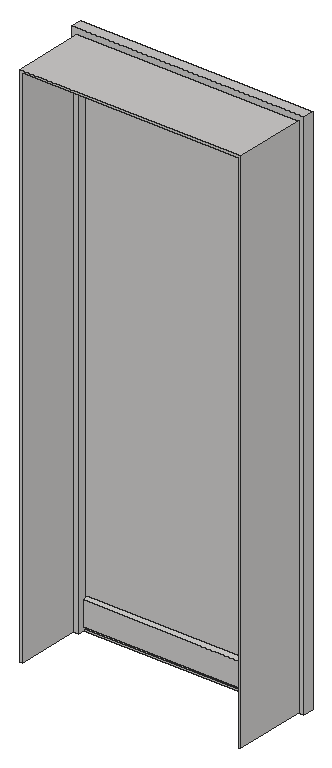
Revit family "_Doorset_Porte palière FOXEO BN_ASSA ABLOY FR_Hardware LIGHT", category Portes, Revit 2018
Family settings
  Hôte = Mur
  Numéro OmniClass = 23.30.10.00
  Titre OmniClass = Doors
  Toujours verticalement = Oui
  Couper avec des vides une fois chargée = Non
  Partagée = Non
  Point de calcul de pièce = Non
Parameters (values of type "914x2198 mm (900 x 2200mm) - sur rosace")
  Uniclass 2.0 Description = "Doorsets"
  Uniclass 2.0 Code = "PR-59-23"
  Uniclass 1.4 Description = "Doors"
  Uniclass 1.4 Code = "JL20"
  URL = "https://www.fichet-serrurerie-batiment.com/be/fr/products/porte-paliere/foxeo-bn"
  Protection contre l'incendie = "EI130"  # constant formula
  Construction analytique = "<Aucun>"
  Commentaires du type = "914x2198 mm (900 x 2200mm)"  # constant formula
  Epaisseur = 51 mm  # constant formula
  Structural Opening Width = if(Largeur > Maximum Door Width, Maximum Door Width + 20 mm, if(Largeur < Minimum Door Width, Minimum Door Width + 20 mm, Largeur + 20 mm))  # 920 mm
  Structural Opening Height = if(Hauteur > Maximum Door Height, Maximum Door Height + 10 mm, if(Hauteur < Minimum Door Height, Minimum Door Height + 10 mm, Hauteur + 10 mm))  # 2210 mm
  Largeur brute = Structural Opening Width  # 920 mm
  Hauteur brute = Structural Opening Height  # 2210 mm
  Provider = "ASSA ABLOY FR"  # constant formula
  Panel Width = Structural Opening Width - 6 mm  # 914 mm
  Panel Material = Metal - Assa Abloy - Steel
  Panel Height = Structural Opening Height - 12 mm  # 2198 mm
  OmniClass Title = "Doors"
  OmniClass Number = "23-17 11 00"
  Name = "Porte palière FOXEO BN"  # constant formula
  Modèle = "Doorset_Porte palière FOXEO BN_ASSA ABLOY FR_Hardware 3D"  # constant formula
  Minimum Door Width = 650 mm  # constant formula
  Minimum Door Height = 1925 mm  # constant formula
  Maximum Door Width = 1050 mm  # constant formula
  Maximum Door Height = 2325 mm  # constant formula
  Fabricant = "ASSA ABLOY"  # constant formula
  Lock Cases = "1x Cylindre ORIO_Mechanical locks_Fichet [AN.  73100431]"  # constant formula
  Note d'identification = "08100"
  Identity and Access Solutions = "1x Serrure Fichet 3 points _Identity and Access Solutions_FICHET [AN.  98606170]"  # constant formula
  IFC classification = "Door"
  Hardware Set = "SD-ML-MC-FI03"  # constant formula
  Handle Position = 50 mm  # constant formula
  Handle Height = 1100 mm  # constant formula
  Fonction = Intérieur
  Hauteur = 2200 mm
  Fermeture du mur = Par hôte
  Largeur = 900 mm
  Frame Width = Structural Opening Width - 20 mm  # 900 mm
  Frame Material = Metal - Assa Abloy - Steel
  Frame Height = Structural Opening Height - 10 mm  # 2200 mm
  Description = "Porte palière FICHET anti-effraction classe 3 selon EN 1627-1630 2011 et EI130 contre le feu\n"  # constant formula
  Contact Provider = "http://www.assaabloy.fr/contactez-nous/"
  Clear Width = Structural Opening Width - 48 mm - 20 mm  # 852 mm
  Code d'assemblage = "C1020"
  Artis_73490420 = yes
  Artis_73490310 = no
  Architectural Hardware = "1x Ensemble béquillage ARTIS sur rosace_Architectural hardware_Vachette [AN. 73490420]"
Types (2, lengths in mm): name | Contact Provider | Artis_73490420 | Artis_73490310 | Architectural Hardware
  914x2198 mm (900 x 2200mm) - sur plaque | "https://www.fichet-serrurerie-batiment.com/be/fr/contactez-nous" | no | yes | "1x Ensemble béquillage ARTIS sur plaque_Architectural hardware_Vachette [AN.  73490310]"
  914x2198 mm (900 x 2200mm) - sur rosace | "http://www.assaabloy.fr/contactez-nous/" | yes | no | "1x Ensemble béquillage ARTIS sur rosace_Architectural hardware_Vachette [AN. 73490420]"
Reference planes
  plane 1: y = 0
  plane 2 "Center (Left/Right)": x = 0
  plane 3 "Exterior": y = 150
  plane 4 "Interior": y = -150
  plane 5: x = 460
  plane 6: x = -460
  plane 7 "Structural": z = 2210
  plane 8: x = 450
  plane 9: x = -450
  plane 10: z = 2200
  plane 11: z = 1984
  plane 12: y = 99
  plane 13: z = 1100
  plane 14 "Panel": y = 1108.7
  plane 15: y = 1070
  plane 16: x = 416
  plane 17: x = -426
  plane 18: x = 426
  plane 19: y = 194.7
  plane 20 "EXT2": y = 208.5
  plane 21: x = -442.131
  plane 22: x = -484
  plane 23: x = 484
  plane 24: x = -306
  plane 25: x = 306
  plane 26: z = 251.279
  plane 27: z = 740.754
  plane 28: z = 860.754
  plane 29: z = 1060.754
  plane 30: z = 1180.754
  plane 31: z = 2056
  plane 32: x = -416
  plane 33: y = 115
  plane 34 "INT2": y = 141.2
  plane 35: y = 1046.7
  plane 36: x = 375
  plane 37: x = 457
  plane 38: x = 470.8
  plane 39: z = 2176
  plane 40: z = 2234
  plane 41 "Handle Position": x = -366
  plane 42 "Handle Height": z = 1100
  plane 43: z = 24
  plane 44: y = 179.7
  plane 45: z = 2244
  plane 46 "Base": y = 146.5
  plane 47 "S": y = 1077.7
  plane 48 "Poignee 2D Y": y = 1027.7
  plane 49 "Poignée 2D X": x = 457
Forms (mm)
  Sweep 1, solid, material "Metal - Assa Abloy - Steel" <- "Frame Material"
    path origin (0, 150, 0) x (1, 0, 0) y (0, 0, 1)
      loop
        line (-450, 0) -> (-450, 2200) -> (450, 2200) -> (450, 0)
    profile origin (450, 150, 1100) x (0, -1, 0) y (1, 0, 0)
      loop
        line (35, 0) -> (0, 0) -> (0, 34) -> (-44.7, 34) -> (-44.7, -24) -> (35, -24) -> (35, 0)
  Sweep 2, solid, material "Metal - Assa Abloy - Steel" <- "Panel Material"
    path origin (0, 150, 0) x (1, 0, 0) y (0, 0, 1)
      loop
        line (-426, 0) -> (426, 0)
    profile origin (0, 150, 0) x (0, 0, 1) y (0, -1, 0)
      loop
        line (2207, -44.7) -> (2176, -44.7) -> (2176, 3.5) -> (24, 3.5) -> (24, -29.7) -> (11.808, -29.7) -> (11.808, -44.7) -> (9, -44.7) -> (9, -58.5) -> (2207, -58.5) -> (2207, -44.7)
  Extrusion 3, solid, material "Metal - Assa Abloy - Steel" <- "Panel Material"
    sketch origin (0, 0, 0) x (1, 0, 0) y (0, 1, 0)
      loop
        line (-426, 208.5) -> (-457, 208.5) -> (-457, 194.7) -> (-426, 194.7) -> (-426, 208.5)
      loop
        line (426, 208.5) -> (426, 194.7) -> (457, 194.7) -> (457, 208.5) -> (426, 208.5)
    from 9 to 2207
  Sweep 4, solid, material "Metal - Assa Abloy - Steel" <- "Panel Material"
    path origin (-533.519, 208.5, 1200) x (-1, 0, 0) y (0, 0, 1)
      loop
        line (-949.519, -1176) -> (-117.519, -1176)
    profile origin (0, 208.5, 24) x (0, 0, 1) y (0, 1, 0)
      loop
        line (0, -62) -> (0, -82) -> (100, -82) -> (107.279, -62) -> (0, -62)
  Sweep 5, solid, material "Metal - Assa Abloy - Steel" <- "Frame Material"
    path origin (-476, 194.7, 1200) x (1, 0, 0) y (0, 0, 1)
      loop
        line (50, -1200) -> (902, -1200)
    profile origin (0, 194.7, 0) x (0, 0, 1) y (0, -1, 0)
      loop
        line (0, 0) -> (11.808, 0) -> (11.808, 11.3) -> (7, 53.5) -> (0, 53.5) -> (0, 0)
  Extrusion 6, solid, material "Metal - Assa Abloy - Steel" <- "Frame Material"
    sketch origin (-533.519, 208.5, 1200) x (-1, 0, 0) y (0, 0, 1)
      loop
        line (-73.519, 1010) -> (-993.519, 1010) -> (-993.519, -1200) -> (-983.519, -1200) -> (-983.519, 1000) -> (-83.519, 1000) -> (-83.519, -1200) -> (-73.519, -1200) -> (-73.519, 1010)
    from -358.5 to -58.5
Cuts and joins
  joined: Sweep 2, Extrusion 3
Lines and regions (mm)
  Opening 1
    outline origin (-5000, -150, 0) x (1, 0, 0) y (0, 0, 1)
      loop
        line (5460, 2210) -> (4540, 2210) -> (4540, 0) -> (5460, 0) -> (5460, 2210)
  Masking region 1
    outline origin (0, 0, 0) x (1, 0, 0) y (0, 1, 0)
      loop
        line (460, 150) -> (-460, 150) -> (-460, -150) -> (460, -150) -> (460, 150)
  Masking region 2, detail levels medium
    outline origin (0, 0, 0) x (1, 0, 0) y (0, 1, 0)
      loop
        line (-484, 194.7) -> (-484, 115) -> (-426, 115) -> (-426, 194.7) -> (-484, 194.7)
      loop
        line (484, 194.7) -> (426, 194.7) -> (426, 115) -> (484, 115) -> (484, 194.7)
  Masking region 3, detail levels fine
    outline origin (0, 0, 0) x (1, 0, 0) y (0, 1, 0)
      loop
        line (-484, 194.7) -> (-484, 150) -> (-450, 150) -> (-450, 115) -> (-426, 115) -> (-426, 194.7) -> (-484, 194.7)
      loop
        line (484, 194.7) -> (426, 194.7) -> (426, 115) -> (450, 115) -> (450, 150) -> (484, 150) -> (484, 194.7)
  Masking region 4, detail levels medium
    outline origin (0, 0, 0) x (1, 0, 0) y (0, 1, 0)
      loop
        line (426, 194.7) -> (426, 1046.7) -> (375, 1046.7) -> (375, 194.7) -> (426, 194.7)
  Masking region 5, detail levels coarse+medium
    outline origin (0, 0, 0) x (0, 1, 0) y (0, 0, 1)
      loop
        line (115, 2234) -> (115, 0) -> (194.7, 0) -> (194.7, 2234) -> (115, 2234)
  Masking region 6, detail levels fine
    outline origin (0, 0, 0) x (0, 1, 0) y (0, 0, 1)
      loop
        line (194.7, 2234) -> (150, 2234) -> (150, 2200) -> (115, 2200) -> (115, 0) -> (194.7, 0) -> (194.7, 9) -> (208.5, 9) -> (208.5, 2207) -> (194.7, 2207) -> (194.7, 2234)
  Masking region 7, detail levels fine
    outline origin (0, 0, 0) x (1, 0, 0) y (0, 1, 0)
      loop
        line (457, 194.7) -> (457, 1108.7) -> (443, 1108.7) -> (443, 1077.7) -> (395, 1077.7) -> (395, 225.7) -> (443, 225.7) -> (443, 194.7) -> (457, 194.7)
  Masking region 8, visible <- "Artis_73490310", detail levels fine
    outline origin (1578.291, 1398.383, 1100) x (0, -1, 0) y (1, 0, 0)
      loop
        line (486.521, -1081.737) -> (488.684, -1073.29)
        spline (488.684, -1073.29) -> (468.903, -1068.923) -> (448.854, -1065.969) -> (428.669, -1064.438) -> (409.04, -1064.327) -> (393.064, -1065.596) -> (380.828, -1068.252) -> (371.983, -1072.31) -> (365.993, -1077.789) -> (362.263, -1084.708) -> (360.228, -1093.086) -> (359.372, -1102.941) -> (359.183, -1114.291)
        line (359.183, -1114.291) -> (345.683, -1114.291) -> (342.683, -1121.291) -> (398.683, -1121.291) -> (395.683, -1114.291) -> (382.183, -1114.291) -> (382.183, -1092.291)
        spline (382.183, -1092.291) -> (382.405, -1087.888) -> (383.384, -1084.128) -> (385.5, -1080.997) -> (389.135, -1078.481) -> (394.673, -1076.565) -> (402.494, -1075.235) -> (412.98, -1074.476) -> (426.55, -1074.27) -> (441.575, -1074.806) -> (456.768, -1076.216) -> (471.845, -1078.519) -> (486.521, -1081.737)
  Masking region 9, visible <- "Artis_73490310", detail levels fine
    outline origin (1578.291, 1398.383, 1100) x (0, -1, 0) y (1, 0, 0)
      loop
        line (342.683, -1183.291) -> (345.683, -1198.291) -> (359.683, -1198.291) -> (357.979, -1228.119)
        arc (357.979, -1228.119) -> (355.434, -1231.235) -> (357.87, -1234.438) r 3.25
        arc (357.87, -1234.438) -> (401.183, -1239.946) -> (444.497, -1234.438) r 173.057
        arc (444.497, -1234.438) -> (446.83, -1230.478) -> (442.87, -1228.145) r 3.25
        arc (442.87, -1228.145) -> (413.451, -1232.994) -> (383.639, -1232.519) r 166.557
        line (383.639, -1232.519) -> (381.683, -1198.291) -> (395.683, -1198.291) -> (398.683, -1183.291) -> (342.683, -1183.291)
  Masking region 10, visible <- "Artis_73490420", detail levels fine
    outline origin (0, 155, 1100) x (0, -1, 0) y (1, 0, 0)
      loop
        line (-756.862, 499.555) -> (-754.7, 508.002)
        spline (-754.7, 508.002) -> (-774.48, 512.369) -> (-794.529, 515.322) -> (-814.714, 516.854) -> (-834.343, 516.964) -> (-850.319, 515.695) -> (-862.555, 513.04) -> (-871.4, 508.982) -> (-877.39, 503.503) -> (-881.12, 496.584) -> (-883.155, 488.206) -> (-884.011, 478.35) -> (-884.2, 467)
        line (-884.2, 467) -> (-898.9, 467) -> (-898.9, 457) -> (-846.5, 457) -> (-846.5, 467) -> (-861.2, 467) -> (-861.2, 489)
        spline (-861.2, 489) -> (-860.978, 493.404) -> (-859.999, 497.164) -> (-857.884, 500.294) -> (-854.248, 502.81) -> (-848.711, 504.726) -> (-840.89, 506.056) -> (-830.403, 506.815) -> (-816.833, 507.022) -> (-801.809, 506.485) -> (-786.616, 505.076) -> (-771.538, 502.772) -> (-756.862, 499.555)
  Masking region 11, visible <- "Artis_73490420", detail levels fine
    outline origin (-62, 155, 1100) x (0, -1, 0) y (1, 0, 0)
      loop
        spline (-756.862, 414.445) -> (-771.538, 411.228) -> (-786.616, 408.924) -> (-801.809, 407.515) -> (-816.833, 406.978) -> (-830.403, 407.185) -> (-840.89, 407.944) -> (-848.711, 409.274) -> (-854.248, 411.19) -> (-857.884, 413.706) -> (-859.999, 416.836) -> (-860.978, 420.596) -> (-861.2, 425)
        line (-861.2, 425) -> (-861.2, 447) -> (-846.5, 447) -> (-846.5, 457) -> (-898.9, 457) -> (-898.9, 447) -> (-884.2, 447)
        spline (-884.2, 447) -> (-884.011, 435.65) -> (-883.155, 425.794) -> (-881.12, 417.416) -> (-877.39, 410.497) -> (-871.4, 405.018) -> (-862.555, 400.96) -> (-850.319, 398.305) -> (-834.343, 397.036) -> (-814.714, 397.146) -> (-794.529, 398.678) -> (-774.48, 401.631) -> (-754.7, 405.998)
        line (-754.7, 405.998) -> (-756.862, 414.445)
  Masking region 12, visible <- "Artis_73490310", detail levels fine
    outline origin (0, 0, 0) x (0, 1, 0) y (0, 0, 1)
      loop
        line (208.5, 1195) -> (208.5, 950) -> (215.5, 953) -> (215.5, 1089) -> (265.489, 1089) -> (265.489, 1111) -> (215.5, 1111) -> (215.5, 1192) -> (208.5, 1195)
      loop
        line (131.5, 1192) -> (131.5, 1111) -> (101.75, 1112.7) -> (101.75, 1128) -> (100.845, 1128) -> (100.845, 1072) -> (101.75, 1072) -> (101.75, 1087.3) -> (131.5, 1089) -> (131.5, 953) -> (146.5, 950) -> (146.5, 1195) -> (131.5, 1192)
  Masking region 13, visible <- "Artis_73490420", detail levels fine
    outline origin (0, 0, 0) x (0, 1, 0) y (0, 0, 1)
      loop
        line (146.5, 1128.2) -> (136.5, 1128.2) -> (136.5, 1111) -> (97.511, 1111) -> (97.511, 1089) -> (136.5, 1089) -> (136.5, 1071.8) -> (146.5, 1071.8) -> (146.5, 1128.2)
  Masking region 14, visible <- "Artis_73490420", detail levels fine
    outline origin (0, 0, 0) x (0, 1, 0) y (0, 0, 1)
      loop
        line (218.5, 1128.2) -> (208.5, 1128.2) -> (208.5, 1071.8) -> (218.5, 1071.8) -> (218.5, 1089) -> (268.489, 1089) -> (268.489, 1111) -> (218.5, 1111) -> (218.5, 1128.2)
  symbolic lines, style "Elevation Swing"
    curve 1: line (450, -150, 2200) -> (-450, -150, 1100)
    curve 2: line (-450, -150, 1100) -> (450, -150, 0)
  symbolic lines, style "Doors", detail levels fine
    curve 3: line (-426, 194.7, 0) -> (426, 194.7, 0)
    curve 4: line (-426, 141.2, 0) -> (426, 141.2, 0)
  symbolic lines, style "Plan Swing", detail levels coarse
    curve 5: line (460, 150, 0) -> (460, 1070, 0)
    curve 6: arc (460, 1070, 0) -> (-190.538, 800.538, 0) -> (-460, 150, 0) r 920
  symbolic lines, style "Plan Swing", detail levels medium
    curve 7: arc (-426, 194.7, 0) -> (-176.455, 797.155, 0) -> (426, 1046.7, 0) r 852
  symbolic lines, style "Plan Swing", detail levels fine
    curve 8: arc (457, 1108.596, 0) -> (-180.356, 836.098, 0) -> (-443.2, 194.7, 0) r 914
  symbolic lines, style "Plan Swing", detail levels medium+fine
    curve 9: line (0, 194.7, 2176) -> (0, 115, 2176)
  symbolic lines, style "Plan Swing"
    curve 10: line (0, 115, 2200) -> (0, -150, 2200)
  symbolic lines, style "DoorsPanelProjection", detail levels fine
    curve 11: line (0, 146.5, 2176) -> (0, 146.5, 24)
    curve 12: line (0, 194.7, 2207) -> (0, 194.7, 2176)
    curve 13: line (0, 146.5, 24) -> (0, 179.7, 24)
    curve 14: line (0, 179.7, 24) -> (0, 179.7, 11.808)
    curve 15: line (0, 179.7, 11.808) -> (0, 194.7, 11.808)
    curve 16: line (0, 194.7, 11.808) -> (0, 194.7, 9)
  symbolic lines, style "DoorsPanelProjection", visible <- "Artis_73490310", detail levels fine
    curve 17: line (380, 1038.7, 1100) -> (380, 1016.7, 1100)
    curve 18: line (464, 1016.2, 1100) -> (464, 1039.2, 1100)
    curve 19: arc (345.772, 1014.744, 1100) -> (347.683, 1027.624, 1100) -> (350.173, 1040.404, 1100) r 288.845
  symbolic lines, style "Assa Abloy Hardware", visible <- "Artis_73490420", detail levels fine
    curve 20: line (467, 1039.2, 1100) -> (467, 1016.2, 1100)
    curve 21: line (385, 1039.2, 1100) -> (385, 1016.2, 1100)
    curve 63: line (0, 240.5, 1111) -> (0, 240.5, 1089)
    curve 64: line (0, 251.055, 1111) -> (0, 251.055, 1089)
    curve 65: line (0, 218.5, 1111) -> (0, 218.5, 1089)
    curve 66: line (0, 114.5, 1111) -> (0, 114.5, 1089)
    curve 67: line (0, 103.945, 1111) -> (0, 103.945, 1089)
    curve 68: line (0, 136.5, 1111) -> (0, 136.5, 1089)
  model lines, style "Assa Abloy Hardware", visible <- "Artis_73490310", detail levels fine
    curve 22: arc (-338, 208.5, 1181) -> (-366, 208.5, 1195) -> (-394, 208.5, 1181) r 35
    curve 23: line (-394, 208.5, 1181) -> (-394, 208.5, 964)
    curve 24: line (-338, 208.5, 964) -> (-338, 208.5, 1089)
    curve 29: line (-338, 208.5, 1111) -> (-338, 208.5, 1181)
    curve 30: arc (-394, 141.2, 1181) -> (-366, 141.2, 1195) -> (-338, 141.2, 1181) r 35
    curve 31: line (-338, 141.2, 1181) -> (-338, 141.2, 1128)
    curve 32: line (-394, 141.2, 964) -> (-394, 141.2, 1181)
    curve 33: line (-381.25, 141.2, 1128) -> (-289.75, 141.2, 1128)
    curve 34: line (-381.25, 141.2, 1072) -> (-289.75, 141.2, 1072)
    curve 35: line (-289.75, 141.2, 1128) -> (-289.75, 141.2, 1100)
    curve 36: line (-381.25, 141.2, 1128) -> (-381.25, 141.2, 1072)
    curve 37: line (-338, 141.2, 1072) -> (-338, 141.2, 964)
    curve 39: line (-289.75, 141.2, 1100) -> (-289.75, 141.2, 1072)
    curve 40: arc (-366, 141.2, 950) -> (-350.348, 141.2, 953.695) -> (-338, 141.2, 964) r 35
    curve 41: arc (-366, 141.2, 950) -> (-381.652, 141.2, 953.695) -> (-394, 141.2, 964) r 35
    curve 42: arc (-394, 208.5, 964) -> (-381.652, 208.5, 953.695) -> (-366, 208.5, 950) r 35
    curve 43: arc (-366, 208.5, 950) -> (-350.348, 208.5, 953.695) -> (-338, 208.5, 964) r 35
  model lines, style "Assa Abloy Hardware", detail levels fine
    curve 25: line (-377.5, 208.5, 1089) -> (-248, 208.5, 1089)
    curve 26: line (-377.5, 208.5, 1111) -> (-377.5, 208.5, 1089)
    curve 27: line (-248, 208.5, 1111) -> (-377.5, 208.5, 1111)
    curve 28: line (-248, 208.5, 1089) -> (-248, 208.5, 1100)
    curve 38: line (-248, 208.5, 1100) -> (-248, 208.5, 1111)
  model lines, style "Assa Abloy Hardware", visible <- "Artis_73490420", detail levels fine
    curve 44: line (-392.2, 208.5, 1075.99) -> (-392.2, 208.5, 1124.01)
    curve 45: arc (-392.2, 208.5, 1124.01) -> (-366, 208.5, 1128.2) -> (-339.8, 208.5, 1124.01) r 84
    curve 46: line (-339.8, 208.5, 1124.01) -> (-339.8, 208.5, 1111)
    curve 47: arc (-339.8, 208.5, 1075.99) -> (-366, 208.5, 1071.8) -> (-392.2, 208.5, 1075.99) r 84
    curve 48: line (-339.8, 208.5, 1089) -> (-339.8, 208.5, 1075.99)
    curve 49: line (-392.2, 141.2, 1075.99) -> (-392.2, 141.2, 1124.01)
    curve 50: arc (-392.2, 141.2, 1124.01) -> (-366, 141.2, 1128.2) -> (-339.8, 141.2, 1124.01) r 84
    curve 51: line (-339.8, 141.2, 1124.01) -> (-339.8, 141.2, 1111)
    curve 52: arc (-339.8, 141.2, 1075.99) -> (-366, 141.2, 1071.8) -> (-392.2, 141.2, 1075.99) r 84
    curve 53: line (-377.5, 141.2, 1111) -> (-248, 141.2, 1111)
    curve 54: line (-377.5, 141.2, 1089) -> (-377.5, 141.2, 1111)
    curve 55: line (-248, 141.2, 1089) -> (-377.5, 141.2, 1089)
    curve 56: line (-248, 141.2, 1111) -> (-248, 141.2, 1089)
    curve 57: line (-339.8, 141.2, 1089) -> (-339.8, 141.2, 1075.99)
  symbolic lines, style "Assa Abloy Hardware", visible <- "Artis_73490310", detail levels fine
    curve 58: line (0, 237.5, 1111) -> (0, 237.5, 1089)
    curve 59: line (0, 248.055, 1111) -> (0, 248.055, 1089)
    curve 60: line (0, 131.5, 1111) -> (0, 131.5, 1089)
    curve 61: line (0, 101.75, 1112.7) -> (0, 101.75, 1087.3)
    curve 62: line (0, 215.5, 1111) -> (0, 215.5, 1089)
Text (mm)
  text "Exterior" at (-2295.016, 1099.543, 0), in view "Ref. Level"
  text "Exterior" at (0, 1615.38, 3698.081), in view "Left"
  text "Exterior" at (0, 1036.032, 3874.932), in view "Right"
Dimensions and locks
  locked: plane 3 "Exterior" to host wall at 0
  locked: plane 4 "Interior" to host wall
  equal spacing: plane 6, plane 2 "Center (Left/Right)", plane 5
  locked: plane 8 to plane 5 at 10
  locked: plane 9 to plane 6 at 10
  "Epaisseur": plane 12 to plane 3 "Exterior"
  "Structural Opening Width": plane 3 "Exterior" to plane 15
  locked: plane 17 to plane 6 at 34
  locked: plane 18 to plane 5 at 34
  locked: plane 3 "Exterior" to plane 19 at 44.7
  locked: plane 19 to plane 20 "EXT2" at 13.8
  Sweep 2 sketch curve to Sweep 2 sketch curve to Sweep 2 sketch curve to level = 12.192 mm locked, 2.808 mm locked, 9 mm locked
  locked: Extrusion 3 sketch curve to plane 17 at 31
  locked: Sweep 2 sketch curve to plane 10 at 24
  locked: plane 10 to Sweep 2 sketch curve at 7
  locked: plane 17 to plane 22 at 58
  locked: plane 23 to plane 18 at 58
  locked: plane 24 to plane 17 at 120
  locked: plane 18 to plane 25 at 120
  plane 27 to plane 26 to level = 489.474 mm locked, 251.279 mm locked
  plane 30 to plane 29 to plane 28 to plane 27 = 120 mm locked, 200 mm locked, 120 mm locked
  locked: plane 7 "Structural" to plane 31 at 154
  locked: plane 24 to plane 32 at 110
  locked: plane 16 to plane 25 at 110
  locked: plane 33 to plane 19 at 79.7
  locked: plane 34 "INT2" to plane 19 at 53.5
  "Structural Opening Width": plane 5 to plane 6
  "Clear Width": plane 19 to plane 35
  "Epaisseur": plane 36 to plane 18
  "Structural Opening Height": plane 7 "Structural" to level
  locked: plane 8 to plane 37 at 7
  locked: plane 37 to plane 38 at 13.8
  plane 7 "Structural" to plane 10 = 10 mm
  locked: plane 10 to plane 39 at 24
  equal spacing: plane 10, plane 13, level
  "Panel Width": plane 19 to plane 14 "Panel"
  locked: plane 40 to plane 7 "Structural" at 24
  locked: Masking region 6 sketch curve to level at 9
  locked: plane 7 "Structural" to Masking region 6 sketch curve at 3
  locked: plane 19 to Masking region 7 sketch curve at 31
  locked: plane 14 "Panel" to Masking region 7 sketch curve at 31
  Masking region 7 sketch curve to Masking region 7 sketch curve to plane 37 = 48 mm locked, 14 mm locked
  locked: plane 43 to level at 24
  locked: plane 20 "EXT2" to plane 44 at 28.8
  locked: plane 46 "Base" to plane 3 "Exterior" at 3.5
  plane 14 "Panel" to plane 47 "S" = 31 mm
  "Handle Position": plane 48 "Poignee 2D Y" to plane 47 "S"
  "Handle Height": level to plane 42 "Handle Height"
  "Handle Position": plane 41 "Handle Position" to plane 32
  "Panel Width": radius of curve 8
  aligned and locked: plane 1 to host wall
  aligned and locked: plane 7 "Structural" to Opening 1 sketch curve
  aligned and locked: plane 5 to Opening 1 sketch curve
  aligned and locked: Opening 1 sketch curve to plane 6
  aligned and locked: level to Opening 1 sketch curve
  aligned and locked: Masking region 1 sketch curve to plane 3 "Exterior"
  aligned and locked: Masking region 1 sketch curve to plane 4 "Interior"
  aligned and locked: plane 6 to Masking region 1 sketch curve
  aligned and locked: Masking region 1 sketch curve to plane 5
  aligned and locked: plane 10 to Sweep 1 sketch curve
  aligned and locked: plane 9 to Sweep 1 sketch curve
  aligned and locked: plane 8 to Sweep 1 sketch curve
  aligned and locked: level to Sweep 1 sketch curve  (x2)
  aligned and locked: plane 17 to Sweep 2 sketch curve
  aligned and locked: plane 18 to Sweep 2 sketch curve
  aligned and locked: Sweep 2 sketch curve to level
  aligned and locked: Extrusion 3 sketch curve to plane 17
  aligned and locked: Extrusion 3 sketch curve to plane 20 "EXT2"
  aligned and locked: Extrusion 3 sketch curve to plane 19
  aligned and locked: Extrusion 3 sketch curve to plane 18
  aligned and locked: plane 20 "EXT2" to Extrusion 3 sketch curve
  aligned and locked: plane 19 to Extrusion 3 sketch curve
  aligned and locked: Sweep 2 to Extrusion 3
  aligned and locked: Extrusion 3 to Sweep 2
  aligned and locked: plane 32 to Sweep 4 sketch curve
  aligned and locked: plane 16 to Sweep 4 sketch curve
  aligned and locked: Masking region 2 to plane 33  (x2)
  aligned and locked: Sweep 1 to plane 19
  aligned and locked: Masking region 2 to plane 22
  aligned and locked: plane 17 to Sweep 1
  aligned and locked: Sweep 1 to plane 18
  aligned and locked: plane 23 to Masking region 2
  aligned and locked: Masking region 2 to plane 19  (x2)
  aligned and locked: Sweep 5 sketch curve to level
  aligned and locked: plane 17 to Sweep 5 sketch curve
  aligned and locked: plane 18 to Sweep 5 sketch curve
  aligned and locked: plane 19 to Masking region 3 sketch curve
  aligned and locked: plane 22 to Masking region 3 sketch curve
  aligned and locked: plane 33 to Masking region 3 sketch curve
  aligned and locked: Masking region 3 sketch curve to plane 17
  aligned and locked: Masking region 3 sketch curve to plane 19
  aligned and locked: Masking region 3 sketch curve to plane 18
  aligned and locked: Masking region 3 sketch curve to plane 33
  aligned and locked: Masking region 3 sketch curve to plane 3 "Exterior"
  aligned and locked: plane 23 to Masking region 3 sketch curve
  aligned and locked: plane 19 to curve 3
  aligned and locked: plane 17 to curve 3
  aligned and locked: plane 18 to curve 3
  aligned and locked: plane 17 to curve 4
  aligned and locked: plane 18 to curve 4
  aligned and locked: plane 34 "INT2" to curve 4
  aligned and locked: plane 15 to curve 5
  aligned and locked: curve 5 to plane 5
  aligned and locked: plane 3 "Exterior" to curve 5
  aligned and locked: plane 3 "Exterior" to curve 6
  aligned and locked: plane 5 to curve 6
  aligned and locked: Masking region 4 sketch curve to plane 36
  aligned and locked: plane 19 to Masking region 4 sketch curve
  aligned and locked: plane 35 to Masking region 4 sketch curve
  aligned and locked: plane 18 to Masking region 4
  aligned and locked: plane 18 to curve 7
  aligned and locked: plane 19 to curve 7
  aligned and locked: Masking region 3 sketch curve to plane 9
  aligned and locked: plane 8 to Masking region 3 sketch curve
  aligned and locked: Masking region 5 sketch curve to plane 33
  aligned and locked: Masking region 5 sketch curve to level
  aligned and locked: plane 40 to Masking region 5 sketch curve
  aligned and locked: plane 33 to Masking region 6
  aligned and locked: Masking region 6 to plane 40
  aligned and locked: plane 19 to Masking region 6
  aligned and locked: Masking region 6 to plane 20 "EXT2"
  aligned and locked: level to Sweep 1
  aligned and locked: Sweep 1 to plane 33
  aligned and locked: plane 19 to curve 9
  aligned and locked: Sweep 1 to plane 39
  aligned and locked: plane 33 to curve 9
  aligned and locked: plane 10 to curve 10
  aligned and locked: plane 33 to curve 10
  aligned and locked: plane 4 "Interior" to curve 10
  aligned and locked: plane 33 to Sweep 1
  aligned and locked: Masking region 5 sketch curve to plane 19
  aligned and locked: Sweep 1 to plane 10
  aligned and locked: plane 3 "Exterior" to Sweep 1
  aligned and locked: plane 40 to Masking region 6 sketch curve
  aligned and locked: Masking region 6 sketch curve to plane 10
  aligned and locked: plane 3 "Exterior" to Masking region 6 sketch curve
  aligned and locked: plane 14 "Panel" to Masking region 7 sketch curve
  aligned and locked: plane 37 to Masking region 7 sketch curve
  aligned and locked: plane 39 to curve 11
  aligned and locked: plane 19 to curve 12
  aligned and locked: plane 39 to curve 12
  aligned and locked: Masking region 6 to curve 12
  aligned and locked: curve 13 to plane 43
  aligned and locked: plane 43 to curve 14
  aligned and locked: curve 14 to plane 44
  aligned and locked: cut or joined group of Sweep 2, Extrusion 3 to curve 14
  aligned and locked: curve 16 to plane 19
  aligned and locked: plane 7 "Structural" to Extrusion 6 sketch curve
  aligned and locked: Extrusion 6 sketch curve to plane 6
  aligned and locked: Extrusion 6 sketch curve to plane 5
  aligned and locked: level to Extrusion 6 sketch curve  (x4)
  aligned and locked: Extrusion 6 sketch curve to plane 9
  aligned and locked: Extrusion 6 sketch curve to plane 10
  aligned and locked: Extrusion 6 sketch curve to plane 8
  aligned and locked: plane 4 "Interior" to Extrusion 6
  aligned and locked: Extrusion 6 to plane 3 "Exterior"
  aligned and locked: plane 8 to curve 2
  aligned and locked: plane 9 to curve 2
  aligned and locked: plane 13 to curve 1
  aligned and locked: plane 8 to curve 1
  aligned and locked: plane 10 to curve 1
  aligned and locked: plane 37 to plane 49 "Poignée 2D X"
Automatic sketch dimensions
  plane 48 "Poignee 2D Y" to curve 19 = 48.9 mm
  plane 49 "Poignée 2D X" to curve 19 = 175.372 mm
  plane 48 "Poignee 2D Y" to curve 19 = 12.956 mm
  plane 48 "Poignee 2D Y" to curve 20 = 11.5 mm
  curve 18 to curve 20 = 0 mm  (x2)
  plane 48 "Poignee 2D Y" to curve 21 = 11.5 mm
  curve 17 to curve 21 = 0.5 mm
  curve 17 to plane 48 "Poignee 2D Y" = 11 mm
  curve 21 to curve 17 = 0.5 mm
  curve 18 to plane 48 "Poignee 2D Y" = 11.5 mm
  curve 19 to plane 48 "Poignee 2D Y" = 12.704 mm
  plane 49 "Poignée 2D X" to curve 20 = 10 mm
  curve 18 to curve 20 = 3 mm
  curve 21 to plane 49 "Poignée 2D X" = 72 mm
  curve 17 to curve 21 = 5 mm
  curve 19 to curve 17 = 29.827 mm
  Masking region 8 sketch curve to plane 49 "Poignée 2D X" = 0 mm
  Masking region 8 sketch curve to plane 48 "Poignee 2D Y" = 28 mm
  plane 49 "Poignée 2D X" to Masking region 8 sketch curve = 7 mm  (x2)
  Masking region 8 sketch curve to Masking region 8 sketch curve = 3 mm  (x2)
  Masking region 8 sketch curve to plane 48 "Poignee 2D Y" = 11.5 mm
  plane 48 "Poignee 2D Y" to Masking region 8 sketch curve = 11.5 mm
  Masking region 8 sketch curve to Masking region 8 sketch curve = 13.5 mm
  plane 49 "Poignée 2D X" to Masking region 8 sketch curve = 39.555 mm
  Masking region 8 sketch curve to Masking region 8 sketch curve = 87.838 mm
  plane 49 "Poignée 2D X" to Masking region 8 sketch curve = 48.002 mm
  Masking region 8 sketch curve to Masking region 8 sketch curve = 2.162 mm
  Masking region 8 sketch curve to Masking region 8 sketch curve = 22 mm
  Masking region 9 sketch curve to Masking region 9 sketch curve = 0 mm  (x5)
  Masking region 9 sketch curve to plane 48 "Poignee 2D Y" = 28 mm
  Masking region 9 sketch curve to Masking region 9 sketch curve = 3 mm  (x2)
  Masking region 9 sketch curve to plane 48 "Poignee 2D Y" = 12.704 mm
  Masking region 9 sketch curve to Masking region 9 sketch curve = 0.704 mm
  Masking region 9 sketch curve to plane 48 "Poignee 2D Y" = 11 mm
  plane 48 "Poignee 2D Y" to Masking region 9 sketch curve = 11 mm
  plane 48 "Poignee 2D Y" to Masking region 9 sketch curve = 12.956 mm
  Masking region 9 sketch curve to Masking region 9 sketch curve = 14 mm
  plane 48 "Poignee 2D Y" to Masking region 9 sketch curve = 30.5 mm
  Masking region 9 sketch curve to Masking region 9 sketch curve = 48 mm
  Masking region 9 sketch curve to plane 49 "Poignée 2D X" = 111.228 mm
  Masking region 9 sketch curve to Masking region 9 sketch curve = 1.228 mm  (x2)
  Masking region 9 sketch curve to Masking region 9 sketch curve = 3.173 mm
  Masking region 9 sketch curve to Masking region 9 sketch curve = 29.827 mm
  Masking region 9 sketch curve to Masking region 9 sketch curve = 15 mm
  plane 49 "Poignée 2D X" to Masking region 9 sketch curve = 54.402 mm
  Masking region 10 sketch curve to plane 49 "Poignée 2D X" = 0 mm
  Masking region 10 sketch curve to plane 48 "Poignee 2D Y" = 26.2 mm
  Masking region 10 sketch curve to plane 48 "Poignee 2D Y" = 11.5 mm
  plane 48 "Poignee 2D Y" to Masking region 10 sketch curve = 11.5 mm
  Masking region 10 sketch curve to Masking region 10 sketch curve = 14.7 mm
  plane 49 "Poignée 2D X" to Masking region 10 sketch curve = 42.555 mm
  Masking region 10 sketch curve to Masking region 10 sketch curve = 89.638 mm
  plane 49 "Poignée 2D X" to Masking region 10 sketch curve = 51.002 mm
  Masking region 10 sketch curve to Masking region 10 sketch curve = 2.162 mm
  plane 49 "Poignée 2D X" to Masking region 10 sketch curve = 10 mm  (x2)
  Masking region 10 sketch curve to Masking region 10 sketch curve = 22 mm
  Masking region 11 sketch curve to plane 48 "Poignee 2D Y" = 26.2 mm
  Masking region 11 sketch curve to plane 48 "Poignee 2D Y" = 11.5 mm
  plane 48 "Poignee 2D Y" to Masking region 11 sketch curve = 11.5 mm
  Masking region 11 sketch curve to Masking region 11 sketch curve = 14.7 mm
  Masking region 11 sketch curve to Masking region 11 sketch curve = 89.638 mm
  Masking region 11 sketch curve to Masking region 11 sketch curve = 2.162 mm
  Masking region 11 sketch curve to plane 49 "Poignée 2D X" = 113.002 mm
  Masking region 11 sketch curve to Masking region 11 sketch curve = 8.447 mm
  Masking region 11 sketch curve to plane 49 "Poignée 2D X" = 94 mm
  Masking region 11 sketch curve to Masking region 11 sketch curve = 22 mm  (x2)
  Masking region 11 sketch curve to Masking region 11 sketch curve = 10 mm
  curve 11 to plane 46 "Base" = 0 mm
  curve 16 to curve 15 = 2.808 mm
  curve 6 to host wall = 0 mm
  plane 19 to curve 8 = 0 mm
  curve 8 to plane 37 = 0 mm
  curve 8 to plane 38 = 0 mm
  curve 2 to level = 0 mm
  plane 3 "Exterior" to Sweep 1 sketch curve = 0 mm
  Sweep 1 sketch curve to profile plane = 0 mm
  Sweep 1 sketch curve to Sweep 1 sketch curve = 44.7 mm
  plane 3 "Exterior" to Sweep 1 sketch curve = 35 mm
  Sweep 1 sketch curve to Sweep 1 sketch curve = 24 mm
  Sweep 1 sketch curve to profile plane = 34 mm
  Sweep 2 sketch curve to plane 3 "Exterior" = 58.5 mm
  Sweep 2 sketch curve to Sweep 2 sketch curve = 13.8 mm  (x2)
  Sweep 2 sketch curve to Sweep 2 sketch curve = 15 mm
  plane 3 "Exterior" to Sweep 2 sketch curve = 3.5 mm
  Extrusion 3 sketch curve to plane 37 = 0 mm
  Sweep 4 sketch curve to plane 43 = 0 mm
  profile plane to Sweep 4 sketch curve = 0 mm
  Sweep 4 sketch curve to profile plane = 100 mm
  Sweep 4 sketch curve to Sweep 4 sketch curve = 7.279 mm
  Sweep 4 sketch curve to plane 20 "EXT2" = 82 mm
  Sweep 4 sketch curve to Sweep 4 sketch curve = 20 mm
  Masking region 2 sketch curve to plane 22 = 0 mm
  Masking region 2 sketch curve to plane 17 = 0 mm
  Masking region 2 sketch curve to plane 18 = 0 mm
  Masking region 2 sketch curve to plane 23 = 0 mm
  Masking region 2 sketch curve to plane 33 = 0 mm  (x2)
  plane 19 to Masking region 2 sketch curve = 0 mm  (x2)
  profile plane to Sweep 5 sketch curve = 0 mm
  Sweep 5 sketch curve to plane 19 = 0 mm
  Sweep 5 sketch curve to profile plane = 7 mm
  Sweep 5 sketch curve to profile plane = 11.808 mm
  plane 19 to Sweep 5 sketch curve = 11.3 mm
  Sweep 5 sketch curve to Sweep 5 sketch curve = 42.2 mm
  Masking region 3 sketch curve to host wall = 0 mm
  Masking region 4 sketch curve to plane 18 = 0 mm
  Masking region 6 sketch curve to plane 33 = 0 mm
  Masking region 6 sketch curve to level = 0 mm
  Masking region 6 sketch curve to plane 19 = 0 mm  (x2)
  Masking region 6 sketch curve to plane 20 "EXT2" = 0 mm
  plane 19 to Masking region 7 sketch curve = 0 mm
  plane 8 to Masking region 7 sketch curve = 7 mm
  curve 61 to plane 33 = 13.25 mm
  curve 61 to curve 67 = 2.195 mm
  curve 66 to plane 33 = 0.5 mm
  plane 34 "INT2" to curve 60 = 9.7 mm
  plane 34 "INT2" to curve 68 = 4.7 mm
  plane 20 "EXT2" to curve 62 = 7 mm
  curve 62 to curve 65 = 3 mm
  curve 65 to curve 58 = 19 mm
  curve 58 to curve 63 = 3 mm
  curve 63 to curve 59 = 7.555 mm
  curve 59 to curve 64 = 3 mm
  plane 42 "Handle Height" to curve 61 = 12.7 mm
  curve 61 to curve 67 = 1.7 mm
  plane 42 "Handle Height" to curve 59 = 11 mm
  plane 42 "Handle Height" to curve 65 = 11 mm
  plane 42 "Handle Height" to curve 60 = 11 mm
  curve 59 to curve 64 = 0 mm  (x2)
  curve 67 to curve 66 = 0 mm  (x2)
  curve 58 to curve 59 = 0 mm  (x2)
  curve 58 to curve 63 = 0 mm  (x2)
  curve 62 to curve 65 = 0 mm  (x2)
  curve 60 to curve 68 = 0 mm  (x2)
  curve 62 to plane 42 "Handle Height" = 11 mm
  curve 64 to plane 42 "Handle Height" = 11 mm
  curve 68 to plane 42 "Handle Height" = 11 mm
  curve 66 to plane 42 "Handle Height" = 11 mm
  curve 67 to curve 61 = 1.7 mm
  curve 42 to curve 43 = 0 mm  (x2)
  curve 28 to plane 42 "Handle Height" = 0 mm
  curve 45 to plane 41 "Handle Position" = 0 mm
  curve 42 to plane 41 "Handle Position" = 0 mm
  curve 47 to plane 41 "Handle Position" = 0 mm
  curve 22 to plane 41 "Handle Position" = 0 mm
  plane 41 "Handle Position" to curve 48 = 26.2 mm
  plane 41 "Handle Position" to curve 46 = 26.2 mm
  plane 41 "Handle Position" to curve 29 = 28 mm
  plane 41 "Handle Position" to curve 24 = 28 mm
  plane 42 "Handle Height" to curve 25 = 11 mm
  curve 25 to curve 24 = 90 mm
  curve 25 to plane 41 "Handle Position" = 11.5 mm
  curve 26 to curve 44 = 14.7 mm
  curve 23 to plane 41 "Handle Position" = 28 mm
  curve 48 to curve 48 = 13.01 mm
  curve 45 to curve 47 = 31.79 mm  (x2)
  curve 43 to curve 45 = 59.2 mm
  curve 24 to curve 42 = 21 mm
  curve 26 to plane 42 "Handle Height" = 11 mm
  curve 46 to curve 46 = 13.01 mm
  curve 47 to curve 22 = 4.2 mm
  curve 22 to curve 23 = 21 mm
  curve 40 to curve 41 = 0 mm  (x2)
  curve 50 to plane 41 "Handle Position" = 0 mm
  curve 30 to plane 41 "Handle Position" = 0 mm
  curve 52 to plane 41 "Handle Position" = 0 mm
  curve 40 to plane 41 "Handle Position" = 0 mm
  curve 35 to plane 42 "Handle Height" = 0 mm
  curve 55 to plane 41 "Handle Position" = 11.5 mm
  curve 36 to plane 41 "Handle Position" = 15.25 mm
  curve 49 to curve 34 = 10.95 mm
  curve 32 to plane 41 "Handle Position" = 28 mm
  plane 41 "Handle Position" to curve 57 = 26.2 mm
  plane 41 "Handle Position" to curve 51 = 26.2 mm
  plane 41 "Handle Position" to curve 37 = 28 mm
  plane 41 "Handle Position" to curve 31 = 28 mm
  curve 31 to curve 33 = 48.25 mm
  plane 42 "Handle Height" to curve 56 = 11 mm
  curve 35 to curve 56 = 41.75 mm
  curve 57 to curve 57 = 13.01 mm
  curve 39 to curve 35 = 28 mm
  curve 50 to curve 34 = 27.8 mm
  curve 41 to curve 50 = 59.2 mm
  curve 32 to curve 40 = 21 mm
  curve 56 to plane 42 "Handle Height" = 11 mm
  curve 51 to curve 51 = 13.01 mm
  curve 35 to plane 42 "Handle Height" = 28 mm
  curve 33 to curve 52 = 27.8 mm
  curve 52 to curve 30 = 4.2 mm
  curve 30 to curve 32 = 21 mm
  Masking region 14 sketch curve to plane 20 "EXT2" = 0 mm
  Masking region 14 sketch curve to Masking region 14 sketch curve = 10 mm  (x2)
  Masking region 14 sketch curve to plane 42 "Handle Height" = 11 mm
  Masking region 14 sketch curve to Masking region 14 sketch curve = 49.989 mm
  plane 42 "Handle Height" to Masking region 14 sketch curve = 11 mm
  Masking region 14 sketch curve to Masking region 14 sketch curve = 17.2 mm  (x2)
  Masking region 12 sketch curve to plane 46 "Base" = 0 mm
  Masking region 12 sketch curve to plane 20 "EXT2" = 0 mm
  plane 34 "INT2" to Masking region 12 sketch curve = 9.7 mm  (x2)
  Masking region 12 sketch curve to plane 33 = 13.25 mm  (x2)
  plane 12 to Masking region 12 sketch curve = 1.845 mm
  plane 20 "EXT2" to Masking region 12 sketch curve = 7 mm  (x2)
  Masking region 12 sketch curve to plane 42 "Handle Height" = 11 mm  (x2)
  Masking region 12 sketch curve to Masking region 12 sketch curve = 49.989 mm
  plane 42 "Handle Height" to Masking region 12 sketch curve = 11 mm  (x2)
  plane 42 "Handle Height" to Masking region 12 sketch curve = 12.7 mm
  Masking region 12 sketch curve to Masking region 12 sketch curve = 15.3 mm  (x2)
  Masking region 12 sketch curve to Masking region 12 sketch curve = 136 mm
  Masking region 12 sketch curve to Masking region 12 sketch curve = 0 mm
  Masking region 12 sketch curve to Masking region 12 sketch curve = 3 mm  (x4)
  Masking region 12 sketch curve to plane 42 "Handle Height" = 12.7 mm
  Masking region 12 sketch curve to Masking region 12 sketch curve = 64 mm
  Masking region 12 sketch curve to Masking region 12 sketch curve = 81 mm
  Masking region 13 sketch curve to plane 46 "Base" = 0 mm
  plane 34 "INT2" to Masking region 13 sketch curve = 4.7 mm  (x2)
  Masking region 13 sketch curve to plane 12 = 1.489 mm
  plane 42 "Handle Height" to Masking region 13 sketch curve = 28.2 mm
  plane 42 "Handle Height" to Masking region 13 sketch curve = 11 mm
  Masking region 13 sketch curve to plane 42 "Handle Height" = 11 mm
  Masking region 13 sketch curve to Masking region 13 sketch curve = 17.2 mm
